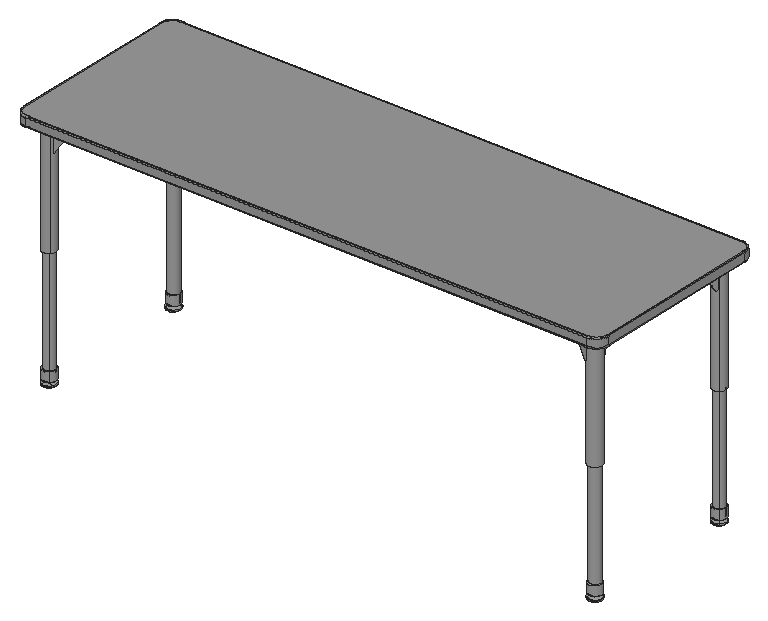
Revit family "Hierarchy Activity 72x24 Rectangle Table", category Furniture, Revit 2018
Family settings
  Work Plane-Based = No
  Always vertical = Yes
  Cut with Voids When Loaded = No
  Shared = No
  Room Calculation Point = No
Parameters
  Table Height = 2' - 5"
  Surface = Hierarchy Activity 72x24 Rectangle Table Surface
  Leg Finish = Hierarchy Leg Platinum
  Edgeband = Hierarchy Activity 72x24 Rectangle Table Edgeband
  Caster/Glide = Hierarchy Leg - Glide : Hierarchy Leg - Glide
Reference planes (in)
  plane 1 "Center (Front/Back)": y = 0
  plane 2: z = 0
  plane 3 "Center (Left/Right)": x = 0
  plane 4: z = 29
Dimensions and locks (in)
  "Table Height": plane 4 to level
  aligned and locked: plane 2 to level
  aligned and locked: nested 1 to plane 4
Nested families (in)
  nested 1: "Activity 72x24 Tabletop" at (0, 0, 5.075), type "Activity 72x24 Tabletop"
  nested 2: "Hierarchy Leg - Glide" at (33.59074, 9.56213, 0) x (0.7071, -0.7071, 0) z (0, 0, 1), Leg Height <- "Table Height", type <- "Caster/Glide", Leg Finish <- "Leg Finish", type "Hierarchy Leg - Glide"
  nested 3: "Hierarchy Leg - Glide" at (33.59074, -9.56213, 0) x (0.7071, 0.7071, 0) z (0, 0, 1), Leg Height <- "Table Height", type <- "Caster/Glide", Leg Finish <- "Leg Finish", type "Hierarchy Leg - Glide"
    with Leg Height 2' - 5", Leg Finish Hierarchy Leg Platinum
  nested 4: "Hierarchy Leg - Glide" at (-33.59074, 9.56213, 0) x (-0.7071, -0.7071, 0) z (0, 0, 1), Leg Height <- "Table Height", Leg Finish <- "Leg Finish", type "Hierarchy Leg - Glide"
    with Leg Height 2' - 5", Leg Finish Hierarchy Leg Platinum
  nested 5: "Hierarchy Leg - Glide" at (-33.59074, -9.56213, 0) x (-0.7071, 0.7071, 0) z (0, 0, 1), Leg Height <- "Table Height", Leg Finish <- "Leg Finish", type "Hierarchy Leg - Glide"
    with Leg Height 2' - 5", Leg Finish Hierarchy Leg Platinum
Definition of nested family "Activity 72x24 Tabletop"
  Parameters (values of type "Activity 72x24 Tabletop")
    Surface = none
    Edgeband = none
  Reference planes (in)
    plane 1 "Center (Front/Back)": y = 0
    plane 2: z = 0
    plane 3 "Center (Left/Right)": x = 0
  Forms (in)
    Extrusion 1, solid, material <- "Surface"
      sketch origin (0, 0, 0) x (1, 0, 0) y (0, 1, 0)
        loop
          line (34.50092, 11.88189) -> (-34.50092, 11.88189)
          arc (-34.50092, 11.88189) -> (-35.47807, 11.47714) -> (-35.88281, 10.5) r 1.38189
          line (-35.88281, 10.5) -> (-35.88281, -10.5)
          arc (-35.88281, -10.5) -> (-35.47807, -11.47714) -> (-34.50092, -11.88189) r 1.38189
          line (-34.50092, -11.88189) -> (34.50092, -11.88189)
          arc (34.50092, -11.88189) -> (35.47807, -11.47714) -> (35.88281, -10.5) r 1.38189
          line (35.88281, -10.5) -> (35.88281, 10.5)
          arc (35.88281, 10.5) -> (35.47807, 11.47714) -> (34.50092, 11.88189) r 1.38189
      from 23.925 to 25.125
    Sweep 2, solid, material <- "Edgeband"
      path origin (0, 0, 0) x (1, 0, 0) y (0, 1, 0)
        loop
          line (34.50092, 11.88189) -> (-34.50092, 11.88189)
          arc (-34.50092, 11.88189) -> (-35.47807, 11.47714) -> (-35.88281, 10.5) r 1.38189
          line (-35.88281, 10.5) -> (-35.88281, -10.5)
          arc (-35.88281, -10.5) -> (-35.47807, -11.47714) -> (-34.50092, -11.88189) r 1.38189
          line (-34.50092, -11.88189) -> (34.50092, -11.88189)
          arc (34.50092, -11.88189) -> (35.47807, -11.47714) -> (35.88281, -10.5) r 1.38189
          line (35.88281, -10.5) -> (35.88281, 10.5)
          arc (35.88281, 10.5) -> (35.47807, 11.47714) -> (34.50092, 11.88189) r 1.38189
      profile origin (0, 11.88189, 0) x (0, -1, 0) y (0, 0, 1)
        loop
          arc (-0.11811, 24.04311) -> (-0.08352, 23.95959) -> (0, 23.925) r 0.11811
          line (0, 23.925) -> (0, 25.125)
          arc (0, 25.125) -> (-0.08352, 25.09041) -> (-0.11811, 25.00689) r 0.11811
          line (-0.11811, 25.00689) -> (-0.11811, 24.04311)
  Dimensions and locks (in)
    aligned and locked: plane 2 to level
Definition of nested family "Hierarchy Leg - Glide"
  Parameters (values of type "Hierarchy Leg - Glide")
    Leg Finish [instance] = none
    Leg Height [instance] = 2' - 5"
  Reference planes (in)
    plane 1 "Center (Front/Back)": y = 0
    plane 2: z = 0
    plane 3 "Center (Left/Right)": x = 0
  Forms (in)
    Extrusion 1, solid
      sketch origin (-0.01562, 0, 0) x (1, 0, 0) y (0, 1, 0)
        loop
          circle (0.01563, 0) r 0.67016
      from 0.67618 to 16.17618
    Revolve 2, solid
      sketch origin (0, 0, 0) x (1, 0, 0) y (0, 0, 1)
        loop
          line (-0.73189, 1.80118) -> (-0.79439, 1.73867) -> (-0.79439, 0.61381) -> (-0.73176, 0.55118) -> (-0.125, 0.55118) -> (-0.125, 0.42618) -> (-0.84656, 0.16241) -> (-0.84656, 0.08994) -> (-0.81359, 0) -> (0, 0) -> (0, 1.80118) -> (-0.73189, 1.80118)
        axis (0, 1.80118) -> (0, 0)
      angle from 0 to 360
  Dimensions and locks (in)
    "Leg Height": nested 1 to level
    aligned and locked: plane 2 to level
  Automatic sketch dimensions
    plane 1 "Center (Front/Back)" to Extrusion 1 sketch curve = 0' - 0"
    Extrusion 1 sketch curve to plane 3 "Center (Left/Right)" = 0' - 0"
    Revolve 2 sketch curve to level = 0' - 0"
    Revolve 2 sketch curve to plane 3 "Center (Left/Right)" = 0' - 0"  (x2)
    Revolve 2 sketch curve to plane 3 "Center (Left/Right)" = 0' - 0 1/8"
    Revolve 2 sketch curve to Revolve 2 sketch curve = 0' - 0.60676"
    Revolve 2 sketch curve to Revolve 2 sketch curve = 0' - 0.73189"
    Revolve 2 sketch curve to Revolve 2 sketch curve = 0' - 0.06263"  (x2)
    Revolve 2 sketch curve to Revolve 2 sketch curve = 0' - 0.08183"
    Revolve 2 sketch curve to Revolve 2 sketch curve = 0' - 0.03297"
    level to Revolve 2 sketch curve = 0' - 0.08994"
    Revolve 2 sketch curve to Revolve 2 sketch curve = 0' - 0.07247"
    level to Revolve 2 sketch curve = 0' - 0.42618"
    Revolve 2 sketch curve to Revolve 2 sketch curve = 0' - 0 1/8"
    Revolve 2 sketch curve to Revolve 2 sketch curve = 0' - 1.12486"
    Revolve 2 sketch curve to Revolve 2 sketch curve = 0' - 0 1/16"
    Revolve 2 sketch curve to level = 2' - 0"
    Revolve 2 sketch curve to Revolve 2 sketch curve = 8' - 4.91764"
    radius of Extrusion 1 sketch curve = 0' - 0.67016"
  Nested families (in)
    nested 1: "Hierarchy Upper Leg 2023" at (0, 0, 1.19783), Shapes Leg Finish <- "Leg Finish", type "Hierarchy Upper Leg 2023"
      with Shapes Leg Finish none
  Definition of nested family "Hierarchy Upper Leg 2023"
    Parameters (values of type "Hierarchy Upper Leg 2023")
      Shapes Leg Finish [instance] = none
    Reference planes (in)
      plane 1 "Center (Front/Back)": y = 0
      plane 2: z = 0
      plane 3 "Center (Left/Right)": x = 0
    Forms (in)
      Extrusion 1, solid, material <- "Shapes Leg Finish"
        sketch origin (0, 0, 0) x (1, 0, 0) y (0, 1, 0)
          loop
            circle (0, 0) r 0.84802
        from 13.67618 to 27.67618
      Extrusion 2, solid, material <- "Shapes Leg Finish"
        sketch origin (0, 0, 0) x (1, 0, 0) y (0, 1, 0)
          loop
            line (-1.70174, 0.19183) -> (-2.88626, -2.26116)
            arc (-2.88626, -2.26116) -> (-2.83993, -3.09822) -> (-2.1063, -3.50394) r 0.86614
            line (-2.1063, -3.50394) -> (2.1063, -3.50394)
            arc (2.1063, -3.50394) -> (2.83993, -3.09822) -> (2.88626, -2.26116) r 0.86614
            line (2.88626, -2.26116) -> (1.70174, 0.19183)
            arc (1.70174, 0.19183) -> (0, 1.25984) -> (-1.70174, 0.19183) r 1.88976
        from 27.67618 to 27.80217
      Extrusion 3, solid, material <- "Shapes Leg Finish"
        sketch origin (-1.48519, 8.66524, 0) x (-0.434844, 0.900506, 0) y (0, 0, 1)
          loop
            line (-9.01425, 27.67618) -> (-11.80952, 27.67618)
            arc (-11.80952, 27.67618) -> (-11.92325, 27.58993) -> (-11.87088, 27.45715) r 0.11811
            arc (-11.87088, 27.45715) -> (-10.39364, 26.29679) -> (-9.23328, 24.81955) r 7.87402
            arc (-9.23328, 24.81955) -> (-9.1005, 24.76717) -> (-9.01425, 24.88091) r 0.11811
            line (-9.01425, 24.88091) -> (-9.01425, 27.67618)
        from -1.94075 to -1.81476
      Extrusion 4, solid, material <- "Shapes Leg Finish"
        sketch origin (1.48519, 8.66524, 0) x (0.434844, 0.900506, 0) y (0, 0, -1)
          loop
            line (-9.01425, -27.67618) -> (-9.01425, -24.88091)
            arc (-9.01425, -24.88091) -> (-9.1005, -24.76717) -> (-9.23328, -24.81955) r 0.11811
            arc (-9.23328, -24.81955) -> (-10.39364, -26.29679) -> (-11.87088, -27.45715) r 7.87402
            arc (-11.87088, -27.45715) -> (-11.92325, -27.58993) -> (-11.80952, -27.67618) r 0.11811
            line (-11.80952, -27.67618) -> (-9.01425, -27.67618)
        from -1.94075 to -1.81476
    Dimensions and locks (in)
      aligned and locked: plane 2 to level
